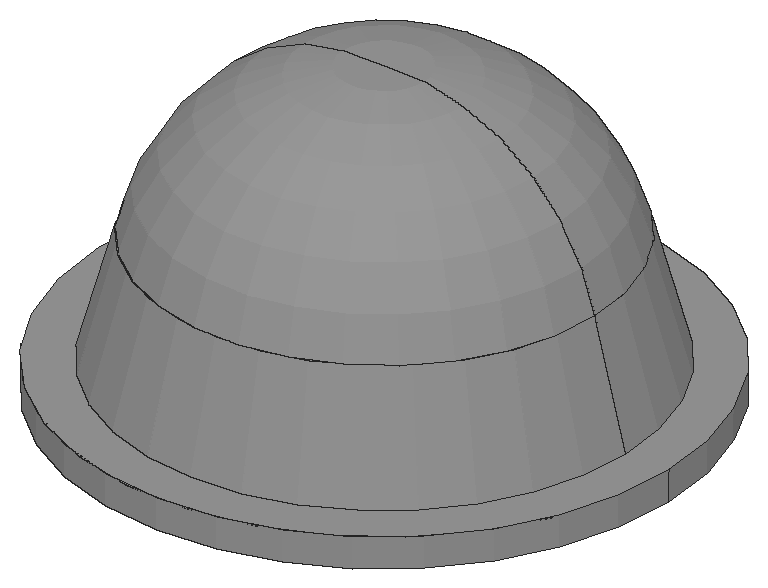
Revit family "HOLM-DOWN_LIGHT_LED_24W_O200+connect_19_3000K", category Lighting Fixtures, host Ceiling, Revit 2021
Family settings
  Host = Ceiling
  Round Connector Dimension = Use Diameter
  Part Type = Normal
  OmniClass Number = 23.80.70.11
  OmniClass Title = Luminaries for Internal Lighting
  Always vertical = Yes
  Cut with Voids When Loaded = No
  Light Source = Yes
  Shared = No
  Room Calculation Point = No
Parameters (values of type "Type 1")
  Wattage = 16.8303 W
  built-in parameter 1150110 = 1 (stored number, unit not read)
  URL = "https://www.lucera.fr/"
  Type de lampe = "LED XC-COB Bridgelux 2630"
  built-in parameter 1114217 = 1 (stored number, unit not read)
  Tilt Angle = 90.00°
  built-in parameter 1150109 = 1 (stored number, unit not read)
  built-in parameter 1150134 = (empty or 0)
  built-in parameter 1150113 = 1 (stored number, unit not read)
  SDCM = "3"
  Puissance nominale = "23.5W"
  Photometric Web File = "google_eulumdat_converter.ies"
  Matériau = "Aluminium"
  Manufacturer = "Lucera - Lucera (c) 06/01/2021 16:39:24 +01:00"  # constant formula
  Maintien du flux = "L80B10 (50 000 heures)"
  Lumens = 2500 lm
  built-in parameter 1150115 = 1 (stored number, unit not read)
  built-in parameter 1150105 = 198.94 (stored number, unit not read)
  built-in parameter 1150137 = (empty or 0)
  built-in parameter 1150139 = (empty or 0)
  built-in parameter 1150112 = 1 (stored number, unit not read)
  built-in parameter 1150114 = 1 (stored number, unit not read)
  built-in parameter 1150132 = 2
  built-in parameter 1150102 = (empty or 0)
  built-in parameter 1150138 = (empty or 0)
  built-in parameter 1150107 = 3000 (stored number, unit not read)
  built-in parameter 1150106 = 1.9894 (stored number, unit not read)
  IRC = ">90"
  built-in parameter 1150104 = 13.8 (stored number, unit not read)
  Durée de vie = "50 000 heures"
  Driver = "Driver Lifud TUV CE CCC"
  Dimming Lamp Color Temperature Shift = <None>
  Dimensions = "Ø 200 mm, H = 105 mm"
  Dimension découpe = "Ø 170-190 mm"
  Default Elevation = 0 mm
  Couleur = "Blanc"
  Color Filter = 16777215
  built-in parameter 1114218 = 1 (stored number, unit not read)
  built-in parameter 1150133 = 10 (stored number, unit not read)
  Angle d'éclairage = "60°"
  Alimentation luminaire = "33-40V dc / 600mA"
  Alimentation Driver = "AC 220-240V"
Reference planes
  plane 1 "Light Source Axis (F/B)": y = 0
  plane 2: z = 0
  plane 3 "Light Source Axis (L/R)": x = 0
  plane 4 "Ceiling": z = 4000
  plane 5 "Light Source Elevation": z = 3991.673
Forms (mm)
  Blend 1, solid, material "Aluminum, blanc"
    base sketch origin (0, 0, 4000) x (0, 1, 0) y (-1, 0, 0)
      loop
        circle (0, 0) r 85
    top sketch origin (0, 0, 4000) x (0, 1, 0) y (-1, 0, 0)
      loop
        circle (0, 0) r 74
    from 0 to 39.386
  Extrusion 2, solid, material "Aluminum, blanc"
    sketch origin (0, 0, 4000) x (0, 1, 0) y (-1, 0, 0)
      loop
        circle (0, 0) r 100
      loop
        circle (0, 0) r 74
    from -10 to 0
  Extrusion 3, solid, material "Glass, White, High Luminance"
    sketch origin (0, 0, 4000) x (0, 1, 0) y (-1, 0, 0)
      loop
        circle (0, 0) r 74
    from -10 to 0
  Revolve 4, solid, material "Aluminum, gris"
    sketch origin (0, 0, 0) x (1, 0, 0) y (0, 0, 1)
      loop
        line (0, 4092.095) -> (0, 4039.386) -> (74, 4039.386)
        arc (74, 4039.386) -> (46.966, 4079.732) -> (0, 4092.095) r 68.652
      axis (0, 4092.095) -> (0, 4039.386)
    angle from 0 to 360
Lines and regions (mm)
  reference lines
    curve 1: line (0, 0, 4000) -> (74, 0, 4000)
    curve 2: line (0, 0, 4000) -> (-74, 0, 4000)
    curve 3: line (0, 0, 3750) -> (0, 0, 3835)
    curve 4: line (0, 0, 3990) -> (0, 0, 4075)
    curve 5: line (0, 0, 4000) -> (100, 0, 4000)
    curve 6: line (0, 0, 4000) -> (-100, 0, 4000)
    curve 7: line (0, 0, 3990) -> (0, 0, 4095)
Dimensions and locks
  equal spacing: host sketch curve, plane 3 "Light Source Axis (L/R)", host sketch curve
  equal spacing: host sketch curve, plane 1 "Light Source Axis (F/B)", host sketch curve
  host sketch curve to host sketch curve = 4000 mm  (x2)
  plane 4 "Ceiling" to host ceiling = 0 mm
  aligned and locked: plane 1 "Light Source Axis (F/B)" to imposter light
  aligned and locked: plane 5 "Light Source Elevation" to imposter light
